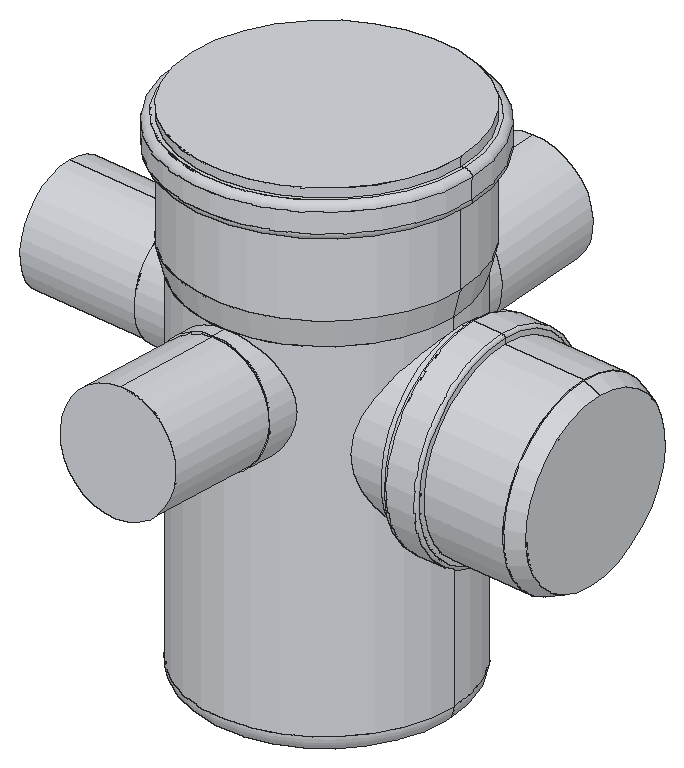
Revit family "RAUPIANO PLUS Floor Gully", category Pipe Accessories, Revit 2012
Parameters (values of type "Standard")
  z8 [instance] = 50 mm  # constant formula
  z7 [instance] = z1 - z3 - z4  # 19.3 mm
  z6 [instance] = 11.5 mm  # constant formula
  z5 [instance] = 3.6 mm  # constant formula
  z4 [instance] = 51.5 mm  # constant formula
  z3 [instance] = 151.2 mm  # constant formula
  z2 [instance] = 130.5 mm  # constant formula
  z1 [instance] = 222 mm  # constant formula
  tmin 3 [instance] = size_lookup("RAUPIANO Pipe.csv", "tmin", 0 mm, Nominal Diameter 3)  # 49.3 mm
  tmin 2 [instance] = size_lookup("RAUPIANO Pipe.csv", "tmin", 0 mm, Nominal Diameter 2)  # 46.3 mm
  tmin 1 [instance] = size_lookup("RAUPIANO Pipe.csv", "tmin", 0 mm, Nominal Diameter 1)  # 55.6 mm
  re 2 3 [instance] = re 2 - 1.9 mm  # 23.1 mm
  re 2 2 [instance] = re 2 + 0.6 mm  # 25.6 mm
  re 3 [instance] = de 3 / 2  # 37.5 mm
  re 2 [instance] = de 2 / 2  # 25 mm
  re 1 [instance] = de 1 / 2  # 55 mm
  de 3 [instance] = size_lookup("RAUPIANO Pipe.csv", "de", 0 mm, Nominal Diameter 3)  # 75 mm
  de 2 [instance] = size_lookup("RAUPIANO Pipe.csv", "de", 0 mm, Nominal Diameter 2)  # 50 mm
  de 1 [instance] = size_lookup("RAUPIANO Pipe.csv", "de", 0 mm, Nominal Diameter 1)  # 110 mm
  bmin 3 [instance] = size_lookup("RAUPIANO Pipe.csv", "bmin", 0 mm, Nominal Diameter 3)  # 3.5 mm
  bmin 2 [instance] = size_lookup("RAUPIANO Pipe.csv", "bmin", 0 mm, Nominal Diameter 2)  # 3.5 mm
  bmin 1 [instance] = size_lookup("RAUPIANO Pipe.csv", "bmin", 0 mm, Nominal Diameter 1)  # 4.5 mm
  Type Comments = "RAU-PP; Push-fit; White"  # constant formula
  Thermal expansion coefficient [instance] = "0,09 mm/m.K"  # constant formula
  Temperature resistance [instance] = "90°C (continuous), 95°C (short term)"  # constant formula
  Tap Length 3 [instance] = (112.8 mm + bmin 3) * sin(alpha)  # 116.141 mm
  T1 = "DN 50/50/50/75"
  Spec Text [instance] = if(D = 110 mm, T1, Fail)  # "DN 50/50/50/75"
  Sleeve Length 2 2 [instance] = tmin 2 - bmin 2  # 42.8 mm
  Rad 1 [instance] = 5 mm + 2.8 mm  # 7.8 mm
  Pressure resistance [instance] = "1 bar (100 kPa, 10m)"  # constant formula
  Pressure Drop [instance] = 0.00 psi
  Materialcode SAP [instance] = if(D = 110 mm, M1, Fail)  # "11230181001"
  Manufacturer = "REHAU"  # constant formula
  M1 = "11230181001"
  Loss Method = Not Defined
  Lookup Table Name = ""
  Health and environmental impact [instance] = "Halogen-free (no F, Cl, Br, J) and 100% recyclable"  # constant formula
  Fire load [instance] = "14.992 kJ/kg"  # constant formula
  Fire behaviour [instance] = "B2 (DIN 4102); D,S3-d0 (EN 13501-1)"  # constant formula
  Fail = "No article found"
  Description = "REHAU RAUPIANO PLUS double branch"  # constant formula
  D [instance] = Nominal Diameter 1  # 110 mm
  Class [instance] = "SN4"  # constant formula
  Chemical resistance [instance] = "pH 2 - 12"  # constant formula
  Belt Thickness 3 [instance] = Dmax 3 / 2 - Sleeve Radius 3  # 3.5 mm
  Belt Thickness 2 [instance] = Dmax 2 / 2 - Sleeve Radius 2  # 3.5 mm
  Belt Thickness 1 [instance] = 4.9 mm  # constant formula
  Belt Radius 3 [instance] = (Dmax 3 / 2 - Sleeve Radius 3) / 2.5  # 1.4 mm
  Belt Radius 2 [instance] = (Dmax 2 / 2 - Sleeve Radius 2) / 2.5  # 1.4 mm
  Belt Radius 1 [instance] = 3 mm  # constant formula
  Belt Length 3 [instance] = 3 mm / 10 mm * tmin 3  # 14.79 mm
  Belt Length 2 [instance] = 3 mm / 10 mm * tmin 2  # 13.89 mm
  Belt Length 1 [instance] = 14.4 mm  # constant formula
  alpha [instance] = 87.00°  # constant formula
  Tap Length 2 [instance] = 112.8 mm * sin(alpha)  # 112.645 mm
  Sleeve Radius 3 [instance] = (Dmax 3 + de 3) / 4  # 41 mm
  Sleeve Radius 2 [instance] = (Dmax 2 + de 2) / 4  # 28.5 mm
  Sleeve Radius 1 [instance] = re 1 + 2.5 mm + 0.5 mm  # 58 mm
  Sleeve Length 3 [instance] = tmin 3 + bmin 3  # 52.8 mm
  Sleeve Length 2 [instance] = tmin 2 + bmin 2  # 49.8 mm
  Sleeve Length 1 [instance] = tmin 1 + bmin 1  # 60.1 mm
  Nominal Radius 3 [instance] = 37.5 mm  # constant formula
  Nominal Radius 2 [instance] = 25 mm  # constant formula
  Nominal Radius 1 [instance] = 55 mm  # constant formula
  Nominal Diameter 3 [instance] = Nominal Radius 3 * 2  # 75 mm
  Nominal Diameter 2 [instance] = Nominal Radius 2 * 2  # 50 mm
  Nominal Diameter 1 [instance] = Nominal Radius 1 * 2  # 110 mm
  Length 1 [instance] = 50 mm  # constant formula
  Dmax 3 [instance] = size_lookup("RAUPIANO Pipe.csv", "Dmax", 0 mm, Nominal Diameter 3)  # 89 mm
  Dmax 2 [instance] = size_lookup("RAUPIANO Pipe.csv", "Dmax", 0 mm, Nominal Diameter 2)  # 64 mm
  Dmax 1 [instance] = size_lookup("RAUPIANO Pipe.csv", "Dmax", 0 mm, Nominal Diameter 1)  # 128 mm
  Article No [instance] = if(D = 110 mm, A1, Fail)  # "123018-001"
  Application [instance] = "Not to be exposed to UV-radiation"  # constant formula
  Acoustic properties [instance] = "Rw + Ctr 42 (with industry standard suspended ceiling)"  # constant formula
  A1 = "123018-001"
  2 bmin 3 [instance] = 2 * bmin 3  # 7 mm
Reference planes
  plane 1 "Center (Front/Back)": y = 0
  plane 2: z = 0
  plane 3 "Center (Left/Right)": x = 0
  plane 4: z = -51.5
  plane 5: z = -103
  plane 6: z = -63
  plane 7: z = -214.2
  plane 8: z = -18
  plane 9: z = -3.6
  plane 10: z = -222
  plane 11: z = -91.5
  plane 12: x = 58
  plane 13: x = 116.141
  plane 14: x = -112.645
  plane 15: y = 112.645
  plane 16: y = -112.645
  plane 17: x = 55
  plane 18: x = 47.2
Forms (mm)
  Extrusion 1, solid, detail levels fine
    sketch origin (0, 0, 0) x (1, 0, 0) y (0, 1, 0)
      loop
        circle (0, 0) r 58
    from 0 to -51.5
  Blend 2, solid, detail levels fine
    base sketch origin (0, 0, 0) x (1, 0, 0) y (0, 1, 0)
      loop
        circle (0, 0) r 55
    top sketch origin (0, 0, 0) x (1, 0, 0) y (0, 1, 0)
      loop
        circle (0, 0) r 58
    from -63 to -51.5
  Extrusion 3, solid, detail levels fine
    sketch origin (0, 0, 0) x (1, 0, 0) y (0, 1, 0)
      loop
        circle (0, 0) r 55
    from -214.2 to -63
  Revolve 4, solid, detail levels fine
    sketch origin (0, 0, 0) x (1, 0, 0) y (0, 0, 1)
      loop
        line (58, -3.6) -> (58, -18) -> (59.9, -18)
        arc (59.9, -18) -> (62.021, -17.121) -> (62.9, -15) r 3
        line (62.9, -15) -> (62.9, -6.6)
        arc (62.9, -6.6) -> (62.021, -4.479) -> (59.9, -3.6) r 3
        line (59.9, -3.6) -> (58, -3.6)
      axis (0, -3.6) -> (0, -18)
    angle from 0 to 360
  Sweep 5, solid, detail levels fine
    path in 3D
      loop
        line (109.15, 0, -108.72) -> (56.423, 0, -105.957)
    profile origin (82.786, 0, -107.339) x (-0.052336, 0, -0.99863) y (0, -1, 0)
      loop
        circle (0, 0) r 41
  SweptBlend 6, solid, detail levels fine
    path in 3D
      loop
        line (116.141, 0, -109.087) -> (109.15, 0, -108.72)
    profile origin (116.141, 0, -109.087) x (-0.052336, 0, -0.99863) y (0, -1, 0)
      loop
        circle (0, 0) r 37.5
    end profile origin (109.15, 0, -108.72) x (-0.052336, 0, -0.99863) y (0, -1, 0)
      loop
        circle (0, 0) r 41
  Sweep 7, solid, detail levels fine
    path origin (0, 0, -103) x (0.99863, 0, -0.052336) y (0.052336, 0, 0.99863)
      loop
        line (28.5, 0) -> (56.5, 0)
    profile origin (42.442, 0, -105.224) x (0.052336, 0, 0.99863) y (0, -1, 0)
      loop
        circle (0, 0) r 37.5
  Revolve 8, solid, detail levels fine
    sketch origin (0, 0, -103) x (0.99863, 0, -0.052336) y (0.052336, 0, 0.99863)
      loop
        line (74.79, 41) -> (74.79, 43.1)
        arc (74.79, 43.1) -> (74.38, 44.09) -> (73.39, 44.5) r 1.4
        line (73.39, 44.5) -> (61.4, 44.5)
        arc (61.4, 44.5) -> (60.41, 44.09) -> (60, 43.1) r 1.4
        line (60, 43.1) -> (60, 41) -> (74.79, 41)
      axis (74.79, 0) -> (60, 0)
    angle from 0 to 360
  Sweep 9, solid, detail levels fine
    path in 3D
      loop
        line (-112.645, 0, -85.597) -> (-62.714, 0, -88.213)
    profile origin (-87.68, 0, -86.905) x (0.052336, 0, 0.99863) y (0, -1, 0)
      loop
        circle (0, 0) r 25
  Sweep 10, solid, detail levels fine
    path origin (0, 0, -91.5) x (-0.99863, 0, 0.052336) y (-0.052336, 0, -0.99863)
      loop
        line (62.8, 0) -> (0, 0)
    profile origin (-31.357, 0, -89.857) x (0.052336, 0, 0.99863) y (0, -1, 0)
      loop
        circle (0, 0) r 25.6
  Sweep 11, solid, detail levels fine
    path in 3D
      loop
        line (0, 112.645, -85.597) -> (0, 62.714, -88.213)
    profile origin (0, 87.68, -86.905) x (0, 0.052336, -0.99863) y (1, 0, 0)
      loop
        circle (0, 0) r 25
  Sweep 12, solid, detail levels fine
    path origin (0, 0, -91.5) x (0, 0.99863, 0.052336) y (0, -0.052336, 0.99863)
      loop
        line (62.8, 0) -> (41, 0)
    profile origin (0, 51.829, -88.784) x (0, 0.052336, -0.99863) y (1, 0, 0)
      loop
        circle (0, 0) r 25.6
  Sweep 13, solid, detail levels fine
    path in 3D
      loop
        line (0, -112.645, -85.597) -> (0, -62.714, -88.213)
    profile origin (0, -87.68, -86.905) x (0, 0.052336, 0.99863) y (1, 0, 0)
      loop
        circle (0, 0) r 25
  Sweep 14, solid, detail levels fine
    path origin (0, 0, -91.5) x (0, -0.99863, 0.052336) y (0, -0.052336, -0.99863)
      loop
        line (62.8, 0) -> (0, 0)
    profile origin (0, -31.357, -89.857) x (0, 0.052336, 0.99863) y (1, 0, 0)
      loop
        circle (0, 0) r 25.6
  Revolve 15, solid, detail levels fine
    sketch origin (0, 0, 0) x (1, 0, 0) y (0, 0, 1)
      loop
        line (55, -214.2) -> (0, -214.2) -> (0, -222) -> (47.2, -222)
        arc (47.2, -222) -> (52.715, -219.715) -> (55, -214.2) r 7.8
      axis (0, -214.2) -> (0, -222)
    angle from 0 to 360
Cuts and joins
  joined: Extrusion 3, Sweep 7, Revolve 15
Lines and regions (mm)
  reference lines
    curve 1: line (0, 0, -103) -> (116.141, 0, -109.087)
    curve 2: line (0, 0, -91.5) -> (-112.645, 0, -85.597)
    curve 3: line (0, 0, -91.5) -> (0, 112.645, -85.597)
    curve 4: line (0, 0, -91.5) -> (0, -112.645, -85.597)
    curve 5: line (116.141, 0, -109.087) -> (109.15, 0, -108.72)
    curve 6: line (109.15, 0, -108.72) -> (56.423, 0, -105.957)
    curve 7: line (62.064, 0, -65.196) -> (57.772, 0, -147.084)
    curve 8: line (76.833, 0, -65.97) -> (72.542, 0, -147.858)
    curve 11: line (-112.645, 0, -85.597) -> (-62.714, 0, -88.213)
    curve 13: line (0, 112.645, -85.597) -> (0, 62.714, -88.213)
    curve 15: line (0, -112.645, -85.597) -> (0, -62.714, -88.213)
  sketch lines
    curve 9: line (109.15, 0, -108.72) -> (56.423, 0, -105.957)
    curve 10: line (116.141, 0, -109.087) -> (109.15, 0, -108.72)
    curve 12: line (-112.645, 0, -85.597) -> (-62.714, 0, -88.213)
    curve 14: line (0, 112.645, -85.597) -> (0, 62.714, -88.213)
    curve 16: line (0, -112.645, -85.597) -> (0, -62.714, -88.213)
  model lines, detail levels coarse+medium
    curve 17: line (0, -62.714, -88.213) -> (0, 0, -91.5)
    curve 19: line (0, 0, -91.5) -> (0, 62.714, -88.213)
    curve 21: line (0, 0, -91.5) -> (-62.714, 0, -88.213)
    curve 24: line (116.141, 0, -109.087) -> (0, 0, -103)
    curve 25: line (0, 0, -103) -> (0, 0, 0)
    curve 26: line (58, 0, 0) -> (-58, 0, 0)
    curve 27: line (116.141, -37.5, -109.087) -> (116.141, 37.5, -109.087)
    curve 28: line (-25, -62.714, -88.213) -> (25, -62.714, -88.213)
    curve 29: line (-62.714, 25, -88.213) -> (-62.714, -25, -88.213)
    curve 30: line (25, 62.714, -88.213) -> (-25, 62.714, -88.213)
  model lines, style "Symbol", detail levels coarse+medium
    curve 18: line (0, -61.406, -63.248) -> (0, -64.022, -113.179)
    curve 20: line (0, 61.406, -63.248) -> (0, 64.022, -113.179)
    curve 22: line (-61.406, 0, -63.248) -> (-64.022, 0, -113.179)
    curve 23: line (118.103, 0, -71.638) -> (114.178, 0, -146.535)
    curve 31: line (0, 55, 0) -> (0, -55, 0)
Dimensions and locks
  "z1": level to plane 10
  "Rad 1": plane 7 to plane 10
  "z5": level to plane 9
  "Belt Length 1": plane 9 to plane 8
  "z4": level to plane 4
  "z3": plane 6 to plane 7
  "z2": plane 11 to plane 10
  "z6": plane 11 to plane 5
  "Sleeve Radius 1": plane 12 to plane 3 "Center (Left/Right)"
  "Belt Thickness 1": Revolve 4 sketch curve to Revolve 4 sketch curve
  "Tap Length 2": plane 1 "Center (Front/Back)" to plane 16
  "Tap Length 2": plane 15 to plane 1 "Center (Front/Back)"
  "Tap Length 2": plane 3 "Center (Left/Right)" to plane 14
  "Tap Length 3": plane 13 to plane 3 "Center (Left/Right)"
  "2 bmin 3": curve 5 to curve 5
  "Sleeve Length 3": curve 6 to curve 6
  "Belt Length 3": curve 8 to curve 7
  "Sleeve Radius 3": curve 8 to curve 1
  "bmin 3": curve 6 to curve 7
  equal spacing: curve 8, curve 1, curve 8
  "Belt Thickness 3": Revolve 8 sketch curve to Revolve 8 sketch curve
  "z8": curve 11 to curve 11
  "z8": curve 13 to curve 13
  "z8": curve 15 to curve 15
  "Nominal Diameter 2": curve 18 to curve 18
  equal spacing: curve 18, curve 15, curve 18
  "Nominal Diameter 2": curve 20 to curve 20
  equal spacing: curve 20, curve 13, curve 20
  "Nominal Diameter 2": curve 22 to curve 22
  equal spacing: curve 22, curve 11, curve 22
  "Nominal Diameter 3": curve 23 to curve 23
  equal spacing: curve 23, curve 1, curve 23
  "re 1": plane 17 to plane 3 "Center (Left/Right)"
  "Rad 1": plane 17 to plane 18
  equal spacing: plane 12, plane 3 "Center (Left/Right)", curve 26
  locked: curve 2 to plane 3 "Center (Left/Right)" at 0
  "Sleeve Radius 3": Sweep 12 sketch curve to curve 3
  "Sleeve Radius 2": Sweep 7 sketch curve to curve 1
  equal spacing: curve 27, curve 1, curve 27
  "Nominal Diameter 3": curve 27 to curve 27
  equal spacing: curve 28, curve 4, curve 28
  "Nominal Radius 2": curve 28 to curve 4
  equal spacing: curve 29, curve 2, curve 29
  "Nominal Radius 2": curve 29 to curve 2
  equal spacing: curve 30, curve 3, curve 30
  "Nominal Radius 2": curve 3 to curve 30
  "Nominal Diameter 1": curve 31 to curve 31
  equal spacing: curve 31, plane 1 "Center (Front/Back)", curve 31
  "Sleeve Radius 1": radius of Extrusion 1 sketch curve
  "re 1": radius of Blend 2 sketch curve
  "Sleeve Radius 1": radius of Blend 2 sketch curve
  "re 1": radius of Extrusion 3 sketch curve
  "Belt Radius 1": radius of Revolve 4 sketch curve  (x2)
  "Sleeve Radius 3": radius of Sweep 5 sketch curve
  "re 3": radius of SweptBlend 6 sketch curve
  "Sleeve Radius 3": radius of SweptBlend 6 sketch curve
  "re 3": radius of Sweep 7 sketch curve
  "Belt Radius 3": radius of Revolve 8 sketch curve  (x2)
  "re 2": radius of Sweep 9 sketch curve
  "re 2 2": radius of Sweep 10 sketch curve
  "re 2": radius of Sweep 11 sketch curve
  "re 2 2": radius of Sweep 12 sketch curve
  "re 2": radius of Sweep 13 sketch curve
  "re 2 2": radius of Sweep 14 sketch curve
  "alpha": angle plane 1 "Center (Front/Back)" to curve 3
  "alpha": angle curve 4 to plane 1 "Center (Front/Back)"
  "alpha": angle plane 3 "Center (Left/Right)" to curve 1
  "alpha": angle plane 3 "Center (Left/Right)" to curve 2
  aligned and locked: plane 2 to level
  aligned and locked: Extrusion 1 to plane 4
  aligned and locked: level to Extrusion 1
  aligned and locked: Blend 2 to plane 6
  aligned and locked: plane 4 to Blend 2
  aligned and locked: plane 6 to Extrusion 3
  aligned and locked: Revolve 4 sketch curve to plane 9
  aligned and locked: Revolve 4 sketch curve to plane 12
  aligned and locked: Revolve 4 sketch curve to Revolve 4 sketch curve
  aligned and locked: plane 8 to Revolve 4 sketch curve
  aligned and locked: Revolve 4 sketch curve to plane 3 "Center (Left/Right)"
  aligned and locked: plane 3 "Center (Left/Right)" to curve 1
  aligned and locked: plane 13 to curve 1
  aligned and locked: plane 11 to curve 2
  aligned and locked: plane 11 to curve 3
  aligned and locked: plane 15 to curve 3
  aligned and locked: plane 1 "Center (Front/Back)" to curve 4
  aligned and locked: plane 16 to curve 4
  aligned and locked: curve 5 to curve 1
  aligned and locked: curve 6 to curve 1
  aligned and locked: curve 7 to curve 8  (x2)
  aligned and locked: curve 1 to Sweep 7 sketch curve
  aligned and locked: Revolve 8 sketch curve to curve 8
  aligned and locked: Revolve 8 sketch curve to curve 7  (x2)
  aligned and locked: Revolve 8 sketch curve to Revolve 8 sketch curve
  aligned and locked: Revolve 8 sketch curve to curve 6
  aligned and locked: curve 11 to curve 2
  aligned and locked: Sweep 9 to Sweep 10 sketch curve
  aligned and locked: curve 11 to Sweep 10 sketch curve
  aligned and locked: curve 13 to curve 3
  aligned and locked: Sweep 11 to Sweep 12 sketch curve
  aligned and locked: curve 13 to Sweep 12 sketch curve
  aligned and locked: plane 16 to curve 15
  aligned and locked: curve 15 to curve 4
  aligned and locked: Sweep 13 to Sweep 14 sketch curve
  aligned and locked: curve 15 to Sweep 14 sketch curve
  aligned and locked: curve 17 to curve 4
  aligned and locked: curve 18 to curve 15
  aligned and locked: curve 19 to curve 3
  aligned and locked: curve 20 to curve 13
  aligned and locked: curve 21 to curve 2
  aligned and locked: curve 22 to curve 11
  aligned and locked: curve 23 to curve 1
  aligned and locked: plane 13 to curve 24
  aligned and locked: curve 24 to curve 1
  aligned and locked: Extrusion 3 to plane 7
  aligned and locked: plane 7 to Revolve 15 sketch curve
  aligned and locked: plane 10 to Revolve 15 sketch curve
  aligned and locked: plane 3 "Center (Left/Right)" to Revolve 15 sketch curve
  aligned and locked: Revolve 15 sketch curve to plane 7
  aligned and locked: Revolve 15 sketch curve to plane 3 "Center (Left/Right)"
  aligned and locked: plane 5 to curve 25
  aligned and locked: plane 3 "Center (Left/Right)" to curve 25
  aligned and locked: plane 12 to curve 26
  aligned and locked: level to curve 26
  aligned and locked: plane 14 to curve 2
  aligned and locked: curve 27 to curve 1
  aligned and locked: curve 28 to curve 15
  aligned and locked: curve 29 to curve 11
  aligned and locked: curve 30 to curve 13
  aligned and locked: level to curve 31
Automatic sketch dimensions
  plane 1 "Center (Front/Back)" to Extrusion 1 sketch curve = 0 mm
  Extrusion 1 sketch curve to plane 3 "Center (Left/Right)" = 0 mm
  plane 1 "Center (Front/Back)" to Blend 2 sketch curve = 0 mm  (x2)
  Blend 2 sketch curve to plane 3 "Center (Left/Right)" = 0 mm  (x2)
  plane 1 "Center (Front/Back)" to Extrusion 3 sketch curve = 0 mm
  Extrusion 3 sketch curve to plane 3 "Center (Left/Right)" = 0 mm
  Revolve 4 sketch curve to plane 10 = 377.95 mm
  level to Revolve 4 sketch curve = 2609.058 mm
  curve 5 to curve 1 = 0 mm
  Sweep 5 sketch curve to profile plane = 0 mm
  profile plane to Sweep 5 sketch curve = 0 mm
  SweptBlend 6 sketch curve to profile plane = 0 mm  (x2)
  profile plane to SweptBlend 6 sketch curve = 0 mm  (x2)
  Sweep 7 sketch curve to profile plane = 0 mm  (x2)
  Revolve 8 sketch curve to Revolve 8 sketch curve = 3.5 mm
  Revolve 8 sketch curve to curve 1 = 7 mm
  curve 11 to curve 2 = 0 mm
  Sweep 10 sketch curve to curve 2 = 0 mm
  Sweep 10 sketch curve to curve 2 = 50 mm
  Sweep 10 sketch curve to profile plane = 0 mm  (x2)
  curve 13 to curve 3 = 0 mm
  Sweep 12 sketch curve to profile plane = 0 mm  (x2)
  Sweep 14 sketch curve to curve 4 = 0 mm
  Sweep 14 sketch curve to profile plane = 0 mm  (x2)
  curve 17 to curve 4 = 0 mm
  curve 19 to curve 3 = 0 mm
  curve 21 to curve 2 = 0 mm
  curve 24 to curve 1 = 0 mm
  Revolve 15 sketch curve to plane 18 = 0 mm
  Revolve 15 sketch curve to plane 10 = 382.6 mm
  level to Revolve 15 sketch curve = 2609.058 mm
  curve 1 to plane 5 = 0 mm
  Sweep 7 sketch curve to Sweep 7 sketch curve = 28 mm
  Sweep 13 sketch curve to profile plane = 0 mm  (x2)
  Sweep 9 sketch curve to profile plane = 0 mm  (x2)
  Sweep 11 sketch curve to profile plane = 0 mm  (x2)
Connectors
  piping at (0, 0, 0), driven by "Nominal Radius 1"
    settings: on Extrusion 1, index 1, connector radius 55 mm, flow factor 0, pipe flow 0 GPM, pressure drop 0.00 psi, fitting loss kfactor 0, connector angle 0.00°, fixture units 0, engagement length 0 mm, flow configuration 0, flow direction 1, fitting loss method 4, system type 16, joint type 0, gender type 0, connector reference index 5, connector utility 0, adjustable connector no, is connector primary yes, fitting loss table "", connector description ""
  piping at (0, 62.714, -88.213), driven by "Nominal Radius 2"
    settings: on Sweep 12, index 2, connector radius 25 mm, flow factor 0, pipe flow 0 GPM, pressure drop 0.00 psi, fitting loss kfactor 0, connector angle 0.00°, fixture units 0, engagement length 0 mm, flow configuration 0, flow direction 1, fitting loss method 4, system type 16, joint type 0, gender type 0, connector reference index -1, connector utility 0, adjustable connector no, is connector primary no, fitting loss table "", connector description ""
  piping at (-62.714, 0, -88.213), driven by "Nominal Radius 2"
    settings: on Sweep 10, index 3, connector radius 25 mm, flow factor 0, pipe flow 0 GPM, pressure drop 0.00 psi, fitting loss kfactor 0, connector angle 0.00°, fixture units 0, engagement length 0 mm, flow configuration 0, flow direction 1, fitting loss method 4, system type 16, joint type 0, gender type 0, connector reference index -1, connector utility 0, adjustable connector no, is connector primary no, fitting loss table "", connector description ""
  piping at (0, -62.714, -88.213), driven by "Nominal Radius 2"
    settings: on Sweep 14, index 4, connector radius 25 mm, flow factor 0, pipe flow 0 GPM, pressure drop 0.00 psi, fitting loss kfactor 0, connector angle 0.00°, fixture units 0, engagement length 0 mm, flow configuration 0, flow direction 1, fitting loss method 4, system type 16, joint type 0, gender type 0, connector reference index -1, connector utility 0, adjustable connector no, is connector primary no, fitting loss table "", connector description ""
  piping at (116.141, 0, -109.087), driven by "Nominal Radius 3", driven by "Pressure Drop"
    settings: on SweptBlend 6, index 5, connector radius 37.5 mm, flow factor 0, pipe flow 0 GPM, pressure drop 0.00 psi, fitting loss kfactor 0, connector angle 0.00°, fixture units 0, engagement length 0 mm, flow configuration 0, flow direction 2, fitting loss method 4, system type 16, joint type 0, gender type 0, connector reference index 1, connector utility 0, adjustable connector no, is connector primary no, fitting loss table "", connector description ""
